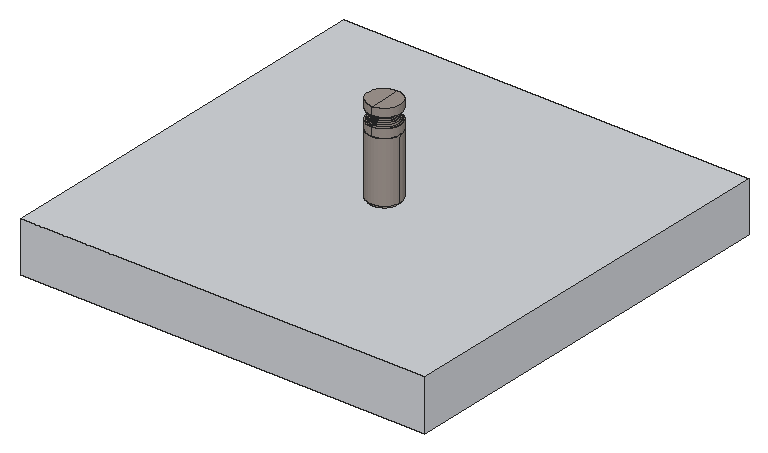
Revit family "BalizadorConcreto_PBC20W_PowerLume", category Luminárias, Revit 2022
Family settings
  Hospedeiro = Face
  Cota do conector redondo = Utilizar diâmetro
  Tipo de parte = Normal
  Número OmniClass = 23.80.70.14.11.14
  Título OmniClass = Post-Top Lighting
  Corte com vazios quando carregada = Sim
  Fonte luminosa = Não
  Manter orientação da anotação = Não
  Compartilhado = Sim
  Ponto de cálculo do ambiente = Não
Parameters (values of type "PBC20W-P - 540mm")
  Ângulo de abertura = "0"
  Voltagem Luminária = 0 V
  Vida útil = "60000h"
  Versão = 1  # constant formula
  URL do produto = "https://www.powerlume.com.br/produtos/balizador-cilindro-concreto"
  URL = "https://www.powerlume.com.br/"
  Tipo de imagem = FOTO PBC20WP.png
  Temperatura de cor = "3000K"  # constant formula
  Potência = "20W"  # constant formula
  Peso = "0"
  Modelo = "PBC20W-P"
  Manual de instalação = ""
  Lâmpada = "Placa LED"
  Localização = "Caxias do Sul - RS / Brasil"  # constant formula
  IfcExportAs = "IfcLightFixtureType"  # constant formula
  IRC = "90"  # constant formula
  IP = "65"  # constant formula
  Frame = Concreto, leve
  Fonte luminosa = BalizadorConcreto_PBC20W_FonteLuminosa_PowerLume : 3000K
  Fluxo luminoso = "1715 lm"  # constant formula
  Ficha técnica = ""
  Fator de Potência Luminária = 1
  Fabricante = "Power Lume"  # constant formula
  Default Elevation = 1219.2 mm
  Diâmetro do frame = 192 mm  # constant formula
  Difusor = PMMA transparente anti UV
  Descrição = "Poste balizador LED em concreto"  # constant formula
  Data da atualização = "27/02/2025"  # constant formula
  Assembly Code = ""
  Contato do fabricante = "(54) 3066-6488"  # constant formula
  Comentários de voltagem = "110 ou 220Vac 50/60Hz com driver incorporado"
  Catálogo de produtos = "https://www.powerlume.com.br/downloads"
  Carga Aparente Luminária = 0 VA
  Altura da base = 377 mm
  Altura = 540 mm
Types (3, lengths in mm): name | Ângulo de abertura | Tipo de imagem | Modelo | Altura da base | Altura
  (no name) | "0" | FOTO PBC20WP.png | "PBC20W-P" | 377 | 540
  PBC20W-P - 540mm | "0" | FOTO PBC20WP.png | "PBC20W-P" | 377 | 540
  PBC20W-G - 990mm | "Difuso" | FOTO PBC20WG.png | "PBC20W-G" | 827 | 990
Reference planes
  plane 1 "Centro (Frente/Trás)": y = 0
  plane 2: z = 0
  plane 3 "Centro (Esquerda/Direita)": x = 0
Forms (mm)
  Extrusion 1, solid
    sketch origin (0, 0, 0) x (1, 0, 0) y (0, 1, 0)
      loop
        line (-1219.2, 1219.2) -> (-1219.2, -1219.2) -> (1219.2, -1219.2) -> (1219.2, 1219.2) -> (-1219.2, 1219.2)
    from 0 to -304.8
  Revolve 2, solid, material "Concreto, leve" <- "Frame"
    sketch origin (0, 0, 986.736) x (0, 1, 0) y (0, 0, 1)
      loop
        line (0, -609.736) -> (90.97, -609.736) -> (90.97, -605.736) -> (95.97, -605.736) -> (95.97, -557.736) -> (88.97, -557.736) -> (88.97, -551.736) -> (81.97, -551.736) -> (81.97, -544.736) -> (74.97, -544.736) -> (74.97, -537.736) -> (67.97, -537.736) -> (67.97, -530.736) -> (60.97, -530.736) -> (60.97, -523.736) -> (53.97, -523.736) -> (53.97, -516.736) -> (46.97, -516.736) -> (46.97, -509.736) -> (39.97, -509.736) -> (39.97, -502.736) -> (33, -502.736) -> (33, -488.736) -> (85, -488.736) -> (85, -493.736) -> (96, -493.736) -> (96, -446.736) -> (0, -446.736) -> (0, -609.736)
      axis (0, -609.736) -> (0, -446.736)
    angle from 0 to 360
  Extrusion 3, solid, material "Concreto, leve" <- "Frame"
    sketch origin (0, 0, 0) x (1, 0, 0) y (0, 1, 0)
      loop
        circle (0, 0) r 86
    from 0 to 12
  Extrusion 4, solid, material "Concreto, leve" <- "Frame"
    sketch origin (0, 0, 0) x (1, 0, 0) y (0, 1, 0)
      loop
        circle (0, 0) r 96
    from 12 to 377 <- "Altura da base"
Dimensions and locks
  locked: Revolve 2 to Revolve 2 at 163
  "Altura da base": Revolve 2 to Extrusion 1
  aligned and locked: plane 2 to Extrusion 1
  aligned and locked: level to Extrusion 1
  aligned and locked: Extrusion 4 to Extrusion 3
  aligned and locked: Revolve 2 sketch curve to Revolve 2 sketch curve
Automatic sketch dimensions
  Extrusion 1 sketch curve to Extrusion 1 sketch curve = 2438.4 mm  (x2)
  plane 1 "Centro (Frente/Trás)" to Extrusion 3 sketch curve = 0 mm
  Extrusion 3 sketch curve to plane 3 "Centro (Esquerda/Direita)" = 0 mm
  plane 1 "Centro (Frente/Trás)" to Extrusion 4 sketch curve = 0 mm
  Extrusion 4 sketch curve to plane 3 "Centro (Esquerda/Direita)" = 0 mm
  Revolve 2 sketch curve to plane 1 "Centro (Frente/Trás)" = 0 mm
  Revolve 2 sketch curve to plane 1 "Centro (Frente/Trás)" = 33 mm
  Revolve 2 sketch curve to Revolve 2 sketch curve = 6.97 mm
  Revolve 2 sketch curve to Revolve 2 sketch curve = 7 mm  (x14)
  Revolve 2 sketch curve to Revolve 2 sketch curve = 31.03 mm
  Revolve 2 sketch curve to Revolve 2 sketch curve = 2 mm
  Revolve 2 sketch curve to Revolve 2 sketch curve = 5 mm  (x2)
  Revolve 2 sketch curve to Revolve 2 sketch curve = 11 mm
  level to Revolve 2 sketch curve = 377 mm
  Revolve 2 sketch curve to Revolve 2 sketch curve = 4 mm
  Revolve 2 sketch curve to Revolve 2 sketch curve = 48 mm
  Revolve 2 sketch curve to Revolve 2 sketch curve = 6 mm
  Revolve 2 sketch curve to Revolve 2 sketch curve = 30 mm
  Revolve 2 sketch curve to Revolve 2 sketch curve = 42 mm
  Revolve 2 sketch curve to Revolve 2 sketch curve = 0 mm  (x2)
  radius of Extrusion 3 sketch curve = 86 mm
  radius of Extrusion 4 sketch curve = 96 mm
Nested families
  nested 1: "BalizadorConcreto_PBC20W_FonteLuminosa_PowerLume" at (0, 0, 493), type <- "Fonte luminosa", type "3000K"
  nested 2: "BalizadorConcreto_PBC20W_PowerLume LED RING" at (0, 0, 498) x (-1, 0, 0) z (0, 0, -1), type "PBC20W-P - 540mm"
Connectors
  electrical at (0, 0, 0), driven by "Fator de Potência Luminária", driven by "Voltagem Luminária", driven by "Carga Aparente Luminária"
    settings: on Extrusion 3, index 1, voltage 0 V, apparent load 0 VA, apparent load phase1 0 VA, apparent load phase2 0 VA, apparent load phase3 0 VA, power factor 1, load classification "Outro", number of poles 1, system type 31, power factor state 1, is connector primary yes, connector utility no, sub classification motor no, connector description ""
Definition of nested family "BalizadorConcreto_PBC20W_PowerLume LED RING"
  Parameters (values of type "PBC20W-P - 540mm")
    Ângulo de abertura = "Difuso"
    Voltagem Luminária = 0 V
    Vida útil = "0"
    Versão = 1  # constant formula
    URL do produto = "https://www.powerlume.com.br/produtos/balizador-cilindro-concreto"
    URL = "https://www.powerlume.com.br/"
    Type Image = (empty or 0)
    Temperatura de cor = "3000K"
    Potência = "20W"  # constant formula
    Peso = "0"
    Model = "PBC20W-P"
    Manual de instalação = ""
    Lamp = "Placa LED"
    Localização = "Caxias do Sul - RS / Brasil"  # constant formula
    IfcExportAs = "IfcLightFixtureType"  # constant formula
    IRC = "85"  # constant formula
    IP = "65"  # constant formula
    Frame = none
    Fluxo luminoso = "1715 lm"
    Ficha técnica = ""
    Fator de Potência Luminária = 1
    Manufacturer = "Power Lume"  # constant formula
    Default Elevation = 1219.2 mm
    Difusor = none
    Description = "Poste balizador LED em concreto"  # constant formula
    Data da atualização = "26/02/2025"  # constant formula
    Assembly Code = ""
    Contato do fabricante = "(54) 3066-6488"  # constant formula
    Wattage Comments = "110 ou 220Vac 50/60Hz com driver incorporado"
    Catálogo de produtos = "https://www.powerlume.com.br/downloads"
    Carga Aparente Luminária = 0 VA
  Types (2, lengths in mm): name | Model | Lamp | Wattage Comments
    PBC20W-P - 540mm | "PBC20W-P" | "Placa LED" | "110 ou 220Vac 50/60Hz com driver incorporado"
    PBC20W-G - 990mm | "PBC20W-G" | "" | ""
  Reference planes
    plane 1 "Centro (Frente/Trás)": y = 0
    plane 2: z = 0
    plane 3 "Centro (Esquerda/Direita)": x = 0
  Forms (mm)
    Extrusion 1, solid
      sketch origin (0, 0, 0) x (1, 0, 0) y (0, 1, 0)
        loop
          line (-1219.2, 1219.2) -> (-1219.2, -1219.2) -> (1219.2, -1219.2) -> (1219.2, 1219.2) -> (-1219.2, 1219.2)
      from 0 to -206.599
    Revolve 2, solid
      sketch origin (0, 0, 0) x (0, 1, 0) y (0, 0, 1)
        loop
          line (-85, 0) -> (-33, 0) -> (-33, 5) -> (-35, 5) -> (-35, 2) -> (-75, 2) -> (-75, 7) -> (-85, 7) -> (-85, 0)
        axis (0, 0) -> (0, 7)
      angle from 0 to 360
    Extrusion 3, solid, material <- "Difusor"
      sketch origin (0, 0, 0) x (1, 0, 0) y (0, 1, 0)
        loop
          circle (0, 0) r 35
        loop
          circle (0, 0) r 75
      from 4 to 5
    Extrusion 4, solid
      sketch origin (0, 0, 0) x (1, 0, 0) y (0, 1, 0)
        loop
          circle (-0.67, 66.839) r 2
        loop
          circle (-0.67, 54.839) r 2
        loop
          circle (-0.67, 42.839) r 2
      from 2 to 3
    Extrusion 5, solid
      sketch origin (0, 0, 0) x (0.984808, 0.173648, 0) y (-0.173648, 0.984808, 0)
        loop
          circle (-0.67, 66.839) r 2
        loop
          circle (-0.67, 54.839) r 2
        loop
          circle (-0.67, 42.839) r 2
      from 2 to 3
    Extrusion 6, solid
      sketch origin (0, 0, 0) x (0.939693, 0.34202, 0) y (-0.34202, 0.939693, 0)
        loop
          circle (-0.67, 66.839) r 2
        loop
          circle (-0.67, 54.839) r 2
        loop
          circle (-0.67, 42.839) r 2
      from 2 to 3
    Extrusion 7, solid
      sketch origin (0, 0, 0) x (0.866025, 0.5, 0) y (-0.5, 0.866025, 0)
        loop
          circle (-0.67, 66.839) r 2
        loop
          circle (-0.67, 54.839) r 2
        loop
          circle (-0.67, 42.839) r 2
      from 2 to 3
    Extrusion 8, solid
      sketch origin (0, 0, 0) x (0.766044, 0.642788, 0) y (-0.642788, 0.766044, 0)
        loop
          circle (-0.67, 66.839) r 2
        loop
          circle (-0.67, 54.839) r 2
        loop
          circle (-0.67, 42.839) r 2
      from 2 to 3
    Extrusion 9, solid
      sketch origin (0, 0, 0) x (0.642788, 0.766044, 0) y (-0.766044, 0.642788, 0)
        loop
          circle (-0.67, 66.839) r 2
        loop
          circle (-0.67, 54.839) r 2
        loop
          circle (-0.67, 42.839) r 2
      from 2 to 3
    Extrusion 10, solid
      sketch origin (0, 0, 0) x (0.5, 0.866025, 0) y (-0.866025, 0.5, 0)
        loop
          circle (-0.67, 66.839) r 2
        loop
          circle (-0.67, 54.839) r 2
        loop
          circle (-0.67, 42.839) r 2
      from 2 to 3
    Extrusion 11, solid
      sketch origin (0, 0, 0) x (0.34202, 0.939693, 0) y (-0.939693, 0.34202, 0)
        loop
          circle (-0.67, 66.839) r 2
        loop
          circle (-0.67, 54.839) r 2
        loop
          circle (-0.67, 42.839) r 2
      from 2 to 3
    Extrusion 12, solid
      sketch origin (0, 0, 0) x (0.173648, 0.984808, 0) y (-0.984808, 0.173648, 0)
        loop
          circle (-0.67, 66.839) r 2
        loop
          circle (-0.67, 54.839) r 2
        loop
          circle (-0.67, 42.839) r 2
      from 2 to 3
    Extrusion 13, solid
      sketch origin (0, 0, 0) x (0, 1, 0) y (-1, 0, 0)
        loop
          circle (-0.67, 66.839) r 2
        loop
          circle (-0.67, 54.839) r 2
        loop
          circle (-0.67, 42.839) r 2
      from 2 to 3
    Extrusion 14, solid
      sketch origin (0, 0, 0) x (-0.173648, 0.984808, 0) y (-0.984808, -0.173648, 0)
        loop
          circle (-0.67, 66.839) r 2
        loop
          circle (-0.67, 54.839) r 2
        loop
          circle (-0.67, 42.839) r 2
      from 2 to 3
    Extrusion 15, solid
      sketch origin (0, 0, 0) x (-0.34202, 0.939693, 0) y (-0.939693, -0.34202, 0)
        loop
          circle (-0.67, 66.839) r 2
        loop
          circle (-0.67, 54.839) r 2
        loop
          circle (-0.67, 42.839) r 2
      from 2 to 3
    Extrusion 16, solid
      sketch origin (0, 0, 0) x (-0.5, 0.866025, 0) y (-0.866025, -0.5, 0)
        loop
          circle (-0.67, 66.839) r 2
        loop
          circle (-0.67, 54.839) r 2
        loop
          circle (-0.67, 42.839) r 2
      from 2 to 3
    Extrusion 17, solid
      sketch origin (0, 0, 0) x (-0.642788, 0.766044, 0) y (-0.766044, -0.642788, 0)
        loop
          circle (-0.67, 66.839) r 2
        loop
          circle (-0.67, 54.839) r 2
        loop
          circle (-0.67, 42.839) r 2
      from 2 to 3
    Extrusion 18, solid
      sketch origin (0, 0, 0) x (-0.766044, 0.642788, 0) y (-0.642788, -0.766044, 0)
        loop
          circle (-0.67, 66.839) r 2
        loop
          circle (-0.67, 54.839) r 2
        loop
          circle (-0.67, 42.839) r 2
      from 2 to 3
    Extrusion 19, solid
      sketch origin (0, 0, 0) x (-0.866025, 0.5, 0) y (-0.5, -0.866025, 0)
        loop
          circle (-0.67, 66.839) r 2
        loop
          circle (-0.67, 54.839) r 2
        loop
          circle (-0.67, 42.839) r 2
      from 2 to 3
    Extrusion 20, solid
      sketch origin (0, 0, 0) x (-0.939693, 0.34202, 0) y (-0.34202, -0.939693, 0)
        loop
          circle (-0.67, 66.839) r 2
        loop
          circle (-0.67, 54.839) r 2
        loop
          circle (-0.67, 42.839) r 2
      from 2 to 3
    Extrusion 21, solid
      sketch origin (0, 0, 0) x (-0.984808, 0.173648, 0) y (-0.173648, -0.984808, 0)
        loop
          circle (-0.67, 66.839) r 2
        loop
          circle (-0.67, 54.839) r 2
        loop
          circle (-0.67, 42.839) r 2
      from 2 to 3
    Extrusion 22, solid
      sketch origin (0, 0, 0) x (-1, 0, 0) y (0, -1, 0)
        loop
          circle (-0.67, 66.839) r 2
        loop
          circle (-0.67, 54.839) r 2
        loop
          circle (-0.67, 42.839) r 2
      from 2 to 3
    Extrusion 23, solid
      sketch origin (0, 0, 0) x (-0.984808, -0.173648, 0) y (0.173648, -0.984808, 0)
        loop
          circle (-0.67, 66.839) r 2
        loop
          circle (-0.67, 54.839) r 2
        loop
          circle (-0.67, 42.839) r 2
      from 2 to 3
    Extrusion 24, solid
      sketch origin (0, 0, 0) x (-0.939693, -0.34202, 0) y (0.34202, -0.939693, 0)
        loop
          circle (-0.67, 66.839) r 2
        loop
          circle (-0.67, 54.839) r 2
        loop
          circle (-0.67, 42.839) r 2
      from 2 to 3
    Extrusion 25, solid
      sketch origin (0, 0, 0) x (-0.866025, -0.5, 0) y (0.5, -0.866025, 0)
        loop
          circle (-0.67, 66.839) r 2
        loop
          circle (-0.67, 54.839) r 2
        loop
          circle (-0.67, 42.839) r 2
      from 2 to 3
    Extrusion 26, solid
      sketch origin (0, 0, 0) x (-0.766044, -0.642788, 0) y (0.642788, -0.766044, 0)
        loop
          circle (-0.67, 66.839) r 2
        loop
          circle (-0.67, 54.839) r 2
        loop
          circle (-0.67, 42.839) r 2
      from 2 to 3
    Extrusion 27, solid
      sketch origin (0, 0, 0) x (-0.642788, -0.766044, 0) y (0.766044, -0.642788, 0)
        loop
          circle (-0.67, 66.839) r 2
        loop
          circle (-0.67, 54.839) r 2
        loop
          circle (-0.67, 42.839) r 2
      from 2 to 3
    Extrusion 28, solid
      sketch origin (0, 0, 0) x (-0.5, -0.866025, 0) y (0.866025, -0.5, 0)
        loop
          circle (-0.67, 66.839) r 2
        loop
          circle (-0.67, 54.839) r 2
        loop
          circle (-0.67, 42.839) r 2
      from 2 to 3
    Extrusion 29, solid
      sketch origin (0, 0, 0) x (-0.34202, -0.939693, 0) y (0.939693, -0.34202, 0)
        loop
          circle (-0.67, 66.839) r 2
        loop
          circle (-0.67, 54.839) r 2
        loop
          circle (-0.67, 42.839) r 2
      from 2 to 3
    Extrusion 30, solid
      sketch origin (0, 0, 0) x (-0.173648, -0.984808, 0) y (0.984808, -0.173648, 0)
        loop
          circle (-0.67, 66.839) r 2
        loop
          circle (-0.67, 54.839) r 2
        loop
          circle (-0.67, 42.839) r 2
      from 2 to 3
    Extrusion 31, solid
      sketch origin (0, 0, 0) x (0, -1, 0) y (1, 0, 0)
        loop
          circle (-0.67, 66.839) r 2
        loop
          circle (-0.67, 54.839) r 2
        loop
          circle (-0.67, 42.839) r 2
      from 2 to 3
    Extrusion 32, solid
      sketch origin (0, 0, 0) x (0.173648, -0.984808, 0) y (0.984808, 0.173648, 0)
        loop
          circle (-0.67, 66.839) r 2
        loop
          circle (-0.67, 54.839) r 2
        loop
          circle (-0.67, 42.839) r 2
      from 2 to 3
    Extrusion 33, solid
      sketch origin (0, 0, 0) x (0.34202, -0.939693, 0) y (0.939693, 0.34202, 0)
        loop
          circle (-0.67, 66.839) r 2
        loop
          circle (-0.67, 54.839) r 2
        loop
          circle (-0.67, 42.839) r 2
      from 2 to 3
    Extrusion 34, solid
      sketch origin (0, 0, 0) x (0.5, -0.866025, 0) y (0.866025, 0.5, 0)
        loop
          circle (-0.67, 66.839) r 2
        loop
          circle (-0.67, 54.839) r 2
        loop
          circle (-0.67, 42.839) r 2
      from 2 to 3
    Extrusion 35, solid
      sketch origin (0, 0, 0) x (0.642788, -0.766044, 0) y (0.766044, 0.642788, 0)
        loop
          circle (-0.67, 66.839) r 2
        loop
          circle (-0.67, 54.839) r 2
        loop
          circle (-0.67, 42.839) r 2
      from 2 to 3
    Extrusion 36, solid
      sketch origin (0, 0, 0) x (0.766044, -0.642788, 0) y (0.642788, 0.766044, 0)
        loop
          circle (-0.67, 66.839) r 2
        loop
          circle (-0.67, 54.839) r 2
        loop
          circle (-0.67, 42.839) r 2
      from 2 to 3
    Extrusion 37, solid
      sketch origin (0, 0, 0) x (0.866025, -0.5, 0) y (0.5, 0.866025, 0)
        loop
          circle (-0.67, 66.839) r 2
        loop
          circle (-0.67, 54.839) r 2
        loop
          circle (-0.67, 42.839) r 2
      from 2 to 3
    Extrusion 38, solid
      sketch origin (0, 0, 0) x (0.939693, -0.34202, 0) y (0.34202, 0.939693, 0)
        loop
          circle (-0.67, 66.839) r 2
        loop
          circle (-0.67, 54.839) r 2
        loop
          circle (-0.67, 42.839) r 2
      from 2 to 3
    Extrusion 39, solid
      sketch origin (0, 0, 0) x (0.984808, -0.173648, 0) y (0.173648, 0.984808, 0)
        loop
          circle (-0.67, 66.839) r 2
        loop
          circle (-0.67, 54.839) r 2
        loop
          circle (-0.67, 42.839) r 2
      from 2 to 3
  Dimensions and locks
    aligned and locked: plane 2 to Extrusion 1
Definition of nested family "BalizadorConcreto_PBC20W_FonteLuminosa_PowerLume"
  Parameters (values of type "3000K")
    Tilt Angle = 90.00°  # constant formula
    Wattage = 40.4005 W
    Dimming Lamp Color Temperature Shift = (empty or 0)
    built-in parameter 1150107 = 3000 (stored number, unit not read)
    built-in parameter 1150110 = 1 (stored number, unit not read)
    built-in parameter 1150109 = 1 (stored number, unit not read)
    built-in parameter 1114218 = 1 (stored number, unit not read)
    built-in parameter 1150112 = 1 (stored number, unit not read)
    built-in parameter 1150113 = 1 (stored number, unit not read)
    built-in parameter 1150132 = 2
    built-in parameter 1150137 = (empty or 0)
    built-in parameter 1150106 = 1.3648 (stored number, unit not read)
    built-in parameter 1150102 = (empty or 0)
    built-in parameter 1150105 = 136.48 (stored number, unit not read)
    Color Filter = 16777215
    built-in parameter 1114217 = 1 (stored number, unit not read)
    built-in parameter 1150139 = (empty or 0)
    Default Elevation = 1219.2 mm
    built-in parameter 1150104 = 3.9437 (stored number, unit not read)
    built-in parameter 1150115 = 1 (stored number, unit not read)
    built-in parameter 1150114 = 1 (stored number, unit not read)
    Lumens = 1715 lm
    built-in parameter 1150138 = (empty or 0)
    built-in parameter 1150134 = (empty or 0)
    Photometric Web File = "pbc20w-p-g-ea3a30bb.ies"
    built-in parameter 1150133 = 10 (stored number, unit not read)
  Reference planes
    plane 1 "Centro (Frente/Trás)": y = 0
    plane 2: z = 0
    plane 3 "Centro (Esquerda/Direita)": x = 0
  Forms (mm)
    Extrusion 1, solid
      sketch origin (0, 0, 0) x (1, 0, 0) y (0, 1, 0)
        loop
          line (-1219.2, 1219.2) -> (-1219.2, -1219.2) -> (1219.2, -1219.2) -> (1219.2, 1219.2) -> (-1219.2, 1219.2)
      from 0 to -304.8
  Dimensions and locks
    aligned and locked: plane 2 to Extrusion 1
    aligned and locked: level to Extrusion 1
